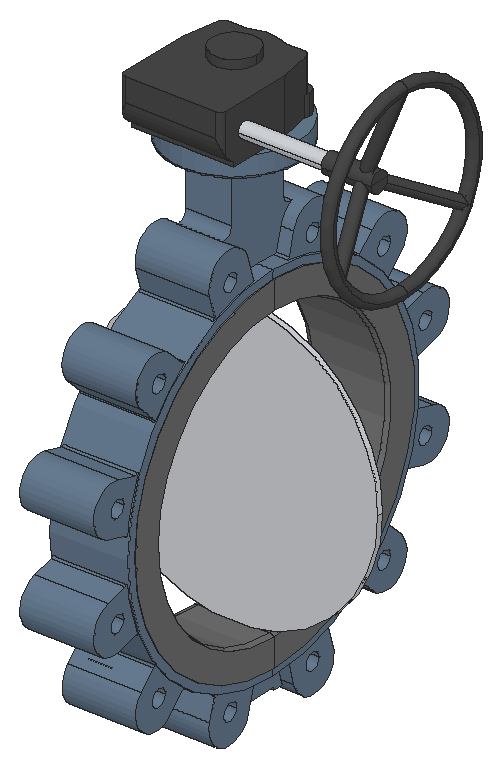
Revit family "Absperr- und Regulierklappe mit Getriebe AF-4219", category Rohrzubehör, Revit 2020
Family settings
  Bemaßung runder Anschluss = Durchmesser verwenden
  Teiletyp = Unterbricht
  OmniClass-Nummer = 23.65.55.14
  OmniClass-Titel = Valves for Liquid Services
  Arbeitsebenenbasiert = Nein
  Immer vertikal = Ja
  Beim Laden mit Abzugskörper schneiden = Nein
  Gemeinsam genutzt = Nein
Parameters
  Vorgabe-Ansicht = 0 mm
  URL = "www.herz-armaturen.at"
  Spindel = "Edelstahl ASTM-A276 / Type 316"  # constant formula
  Schrauben [instance] = if(Nennweite = 50 mm, "4x M16x35", if(Nennweite = 65 mm, "4x M16x35", if(Nennweite = 80 mm, "8x M16x35", if(Nennweite = 100 mm, "8x M16x40", if(Nennweite = 125 mm, "8x M16x40", if(Nennweite = 150 mm, "8x M20x40", if(Nennweite = 200 mm, "12x M20x45", if(Nennweite = 250 mm, "12x M24x45", "12x M24x45"))))))))  # "12x M24x45"
  SCTWSEQ = "FW;SBT_TYP_FW=\"101\";2"
  SCTWCODE = "04;07;02"  # constant formula
  SCRNSEQ = "ARM;ARM_TYP=\"ALLF\";2"
  SCRNCODE = "05;13;02"  # constant formula
  R99 = 1.5 mm  # constant formula
  PN [instance] = size_lookup("4219_AF_G", "PN", 16, Nennweite)  # 10
  O-Ring = "EPDM entsprechend ISO 1691"  # constant formula
  Min.Betriebstemperatur = "-20.00 °C bei entsprechneder Wasser-Glycolmischung"  # constant formula
  Medium = "Ethylen- und Propyleneglykol kann in einem Mischungsverhältnis zwischen 25 - 50 vol. [%] verwendet werden."
  Max.Betriebstemperatur = 110 °C  # constant formula
  L04 [instance] = L01 - 3.5 mm  # 35.5 mm
  L03 [instance] = L01 + 1.5 mm  # 40.5 mm
  L02 [instance] = size_lookup("4219_AF_G", "L2", 14.5 mm, Nennweite)  # 30.5 mm
  L01 [instance] = size_lookup("4219_AF_G", "L1", 21.5 mm, Nennweite)  # 39 mm
  R01 [instance] = size_lookup("4219_AF_G", "R1", 44 mm, Nennweite)  # 65 mm
  Nennweite [instance] = 300 mm
  Klappenscheibe = "Edelstahl 1.4408"  # constant formula
  Hersteller = "HERZ Armaturen Ges.m.b.H."  # constant formula
  Hebel DN50-150 = "Stahl, ST14.03"  # constant formula
  Hebel DN200-DN300 = "Stahl, S235 DIN2458/1626"  # constant formula
  H02 [instance] = size_lookup("4219_AF_G", "H2", 13 mm, Nennweite)  # 20 mm
  H01 [instance] = size_lookup("4219_AF_G", "H1", 125 mm, Nennweite)  # 308 mm
  Gewicht [instance] = size_lookup("4219_AF_G", "Gewicht", 3.8, Nennweite)  # 37.6
  Gehäuseauskleidung = "EPDM entsprechend ISO 1691"  # constant formula
  Gehäuse = "GGG, GJS-400-15/JS1030, entsprechend EN1563"  # constant formula
  Drehmoment in NM [instance] = size_lookup("4219_AF_G", "Nm", 20, Nennweite)  # 350
  DN80 [instance] = Nennweite = 80 mm  # no
  DN65 [instance] = Nennweite = 65 mm  # no
  DN50 [instance] = Nennweite = 50 mm  # no
  DN300 [instance] = Nennweite = 300 mm  # yes
  DN250 [instance] = Nennweite = 250 mm  # no
  DN200 [instance] = Nennweite = 200 mm  # no
  DN150 [instance] = Nennweite = 150 mm  # no
  DN125 [instance] = Nennweite = 125 mm  # no
  DN100 [instance] = Nennweite = 100 mm  # no
  D06 [instance] = size_lookup("4219_AF_G", "D6", 25.3 mm, Nennweite)  # 146.5 mm
  D05 [instance] = size_lookup("4219_AF_G", "D5", 24.5 mm, Nennweite)  # 145 mm
  D04 [instance] = D05 + 2 mm  # 147 mm
  D03 [instance] = size_lookup("4219_AF_G", "D3", 35.5 mm, Nennweite)  # 167.5 mm
  D02 [instance] = size_lookup("4219_AF_G", "D2", 41 mm, Nennweite)  # 175 mm
  D01 [instance] = size_lookup("4219_AF_G", "D1", 47 mm, Nennweite)  # 183 mm
  Bestellnummer [instance] = size_lookup("4219_AF_G", "Artnr", 421911, Nennweite)  # 1421979
  Anwendungsgebiet = "Geeignet für Flüssigkeiten in der Haustechnik, Kaltwasser, Heißwasser, etc."
  Anschlussflansch = "entsprechend EN1092-2"  # constant formula
Reference planes
  plane 1 "Mitte (Vorne/hinten)": y = 0
  plane 2: z = 0
  plane 3 "Mitte (Links/rechts)": x = 0
Forms (mm)
  Revolve 1, solid, material "Herz-Metall-blau", detail levels fine
    sketch origin (0, 0, 0) x (1, 0, 0) y (0, 0, 1)
      loop
        line (-30.5, 175) -> (-30.5, 167.5) -> (30.5, 167.5) -> (30.5, 175) -> (39, 175) -> (39, 183) -> (-39, 183) -> (-39, 175) -> (-30.5, 175)
      axis (-39, 0) -> (39, 0)
    angle from 0 to 360
  Revolve 2, solid, material "Herz-Metall-blau", detail levels fine
    sketch origin (0, 0, 0) x (1, 0, 0) y (0, 0, 1)
      loop
        line (-65, 308) -> (-65, 289.463)
        arc (-65, 289.463) -> (-64.673, 288.527) -> (-63.833, 288) r 1.5
        line (-63.833, 288) -> (0, 288) -> (0, 308) -> (-65, 308)
      axis (0, 308) -> (0, 288)
    angle from 0 to 360
  Extrusion 3, solid, material "Herz-Metall-blau", visible <- "DN50", detail levels fine
    sketch origin (0, 0, 0) x (0, 1, 0) y (0, 0, 1)
      loop
        line (56.215, -32.173) -> (43.95, -19.909)
        arc (43.95, -19.909) -> (43.387, -18.793) -> (43.596, -17.56) r 2
        arc (43.596, -17.56) -> (33.234, -33.234) -> (17.56, -43.596) r 47
        arc (17.56, -43.596) -> (18.793, -43.387) -> (19.909, -43.95) r 2
        line (19.909, -43.95) -> (32.173, -56.215)
        arc (32.173, -56.215) -> (56.215, -56.215) -> (56.215, -32.173) r 17
      loop
        arc (-56.215, -32.173) -> (-56.215, -56.215) -> (-32.173, -56.215) r 17
        line (-32.173, -56.215) -> (-19.909, -43.95)
        arc (-19.909, -43.95) -> (-18.793, -43.387) -> (-17.56, -43.596) r 2
        arc (-17.56, -43.596) -> (-33.234, -33.234) -> (-43.596, -17.56) r 47
        arc (-43.596, -17.56) -> (-43.387, -18.793) -> (-43.95, -19.909) r 2
        line (-43.95, -19.909) -> (-56.215, -32.173)
      loop
        arc (56.215, 32.173) -> (56.215, 56.215) -> (32.173, 56.215) r 17
        line (32.173, 56.215) -> (19.909, 43.95)
        arc (19.909, 43.95) -> (18.793, 43.387) -> (17.56, 43.596) r 2
        arc (17.56, 43.596) -> (33.234, 33.234) -> (43.596, 17.56) r 47
        arc (43.596, 17.56) -> (43.387, 18.793) -> (43.95, 19.909) r 2
        line (43.95, 19.909) -> (56.215, 32.173)
      loop
        line (-56.215, 32.173) -> (-43.95, 19.909)
        arc (-43.95, 19.909) -> (-43.387, 18.793) -> (-43.596, 17.56) r 2
        arc (-43.596, 17.56) -> (-33.234, 33.234) -> (-17.56, 43.596) r 47
        arc (-17.56, 43.596) -> (-18.793, 43.387) -> (-19.909, 43.95) r 2
        line (-19.909, 43.95) -> (-32.173, 56.215)
        arc (-32.173, 56.215) -> (-56.215, 56.215) -> (-56.215, 32.173) r 17
      loop
        circle (-44.194, 44.194) r 6.92
      loop
        circle (44.194, 44.194) r 6.92
      loop
        circle (44.194, -44.194) r 6.92
      loop
        circle (-44.194, -44.194) r 6.92
    from -19.5 to 19.5
  Extrusion 4, solid, material "Herz-Metall-blau", visible <- "DN50", detail levels fine
    sketch origin (0, 0, 0) x (0, 1, 0) y (0, 0, 1)
      loop
        line (20, 74.845) -> (20, 112) -> (-20, 112) -> (-20, 74.845)
        arc (-20, 74.845) -> (-26.046, 62.811) -> (-39.31, 60.477) r 15
        arc (-39.31, 60.477) -> (-35.477, 58.789) -> (-32.173, 56.215) r 17
        line (-32.173, 56.215) -> (-19.909, 43.95)
        arc (-19.909, 43.95) -> (-18.793, 43.387) -> (-17.56, 43.596) r 2
        arc (-17.56, 43.596) -> (0, 47) -> (17.56, 43.596) r 47
        arc (17.56, 43.596) -> (18.793, 43.387) -> (19.909, 43.95) r 2
        line (19.909, 43.95) -> (32.173, 56.215)
        arc (32.173, 56.215) -> (35.477, 58.789) -> (39.31, 60.477) r 17
        arc (39.31, 60.477) -> (26.046, 62.811) -> (20, 74.845) r 15
    from -15 to 15
  Extrusion 5, solid, material "Herz-Metall-blau", visible <- "DN50"
    sketch origin (0, 0, 0) x (0, 1, 0) y (0, 0, 1)
      loop
        arc (33.834, -58) -> (34.246, -58.062) -> (34.622, -58.243) r 1.4
        arc (34.622, -58.243) -> (33.35, -57.286) -> (32.173, -56.215) r 17
        line (32.173, -56.215) -> (19.909, -43.95)
        arc (19.909, -43.95) -> (18.793, -43.387) -> (17.56, -43.596) r 2
        arc (17.56, -43.596) -> (0, -47) -> (-17.56, -43.596) r 47
        arc (-17.56, -43.596) -> (-18.793, -43.387) -> (-19.909, -43.95) r 2
        line (-19.909, -43.95) -> (-32.173, -56.215)
        arc (-32.173, -56.215) -> (-33.35, -57.286) -> (-34.622, -58.243) r 17
        arc (-34.622, -58.243) -> (-34.246, -58.062) -> (-33.834, -58) r 1.4
        line (-33.834, -58) -> (-16.963, -58)
        arc (-16.963, -58) -> (-15.575, -58.575) -> (-15, -59.963) r 1.963
        line (-15, -59.963) -> (-15, -61) -> (15, -61) -> (15, -59.963)
        arc (15, -59.963) -> (15.575, -58.575) -> (16.963, -58) r 1.963
        line (16.963, -58) -> (33.834, -58)
    from -15 to 15
  Revolve 6, solid, material "Gummi", detail levels fine
    sketch origin (-134.5, 0, 0) x (1, 0, 0) y (0, 0, 1)
      loop
        line (94, 175) -> (94, 147) -> (99, 145) -> (170, 145) -> (175, 147) -> (175, 175) -> (165, 175) -> (165, 167.5) -> (104, 167.5) -> (104, 175) -> (94, 175)
      axis (94, 0) -> (175, 0)
    angle from 0 to 360
  Extrusion 7, solid, detail levels fine
    sketch origin (0, 0, 0) x (1, 0, 0) y (0, 0, 1)
      loop
        circle (0, 0) r 146.5
    from -2.5 to 2.5
  Extrusion 8, solid, material "Herz-Metall-blau", visible <- "DN65", detail levels fine
    sketch origin (0, -300, 0) x (0, 1, 0) y (0, 0, 1)
      loop
        circle (351.265, 51.265) r 6.92
      loop
        arc (363.286, 39.244) -> (363.286, 63.286) -> (339.244, 63.286) r 17
        line (339.244, 63.286) -> (328.595, 52.636)
        arc (328.595, 52.636) -> (327.499, 52.076) -> (326.282, 52.264) r 2
        arc (326.282, 52.264) -> (341.366, 41.366) -> (352.264, 26.282) r 58.501
        arc (352.264, 26.282) -> (352.087, 27.51) -> (352.656, 28.614) r 2.038
        line (352.656, 28.614) -> (363.286, 39.244)
      loop
        circle (351.265, -51.265) r 6.92
      loop
        line (363.286, -39.244) -> (352.656, -28.614)
        arc (352.656, -28.614) -> (352.087, -27.51) -> (352.264, -26.282) r 2.038
        arc (352.264, -26.282) -> (341.366, -41.366) -> (326.282, -52.264) r 58.501
        arc (326.282, -52.264) -> (327.499, -52.076) -> (328.595, -52.636) r 2
        line (328.595, -52.636) -> (339.244, -63.286)
        arc (339.244, -63.286) -> (363.286, -63.286) -> (363.286, -39.244) r 17
      loop
        circle (248.735, 51.265) r 6.92
      loop
        line (236.714, 39.244) -> (247.344, 28.614)
        arc (247.344, 28.614) -> (247.913, 27.51) -> (247.736, 26.282) r 2.038
        arc (247.736, 26.282) -> (258.634, 41.366) -> (273.718, 52.264) r 58.501
        arc (273.718, 52.264) -> (272.501, 52.076) -> (271.405, 52.636) r 2
        line (271.405, 52.636) -> (260.756, 63.286)
        arc (260.756, 63.286) -> (236.714, 63.286) -> (236.714, 39.244) r 17
      loop
        circle (248.735, -51.265) r 6.92
      loop
        arc (236.714, -39.244) -> (236.714, -63.286) -> (260.756, -63.286) r 17
        line (260.756, -63.286) -> (271.405, -52.636)
        arc (271.405, -52.636) -> (272.501, -52.076) -> (273.718, -52.264) r 2
        arc (273.718, -52.264) -> (258.634, -41.366) -> (247.736, -26.282) r 58.501
        arc (247.736, -26.282) -> (247.913, -27.51) -> (247.344, -28.614) r 2.038
        line (247.344, -28.614) -> (236.714, -39.244)
    from -21 to 21
  Extrusion 9, solid, material "Herz-Metall-blau", visible <- "DN65", detail levels fine
    sketch origin (0, -300, 0) x (0, 1, 0) y (0, 0, 1)
      loop
        line (278, 136.5) -> (278, 78.286)
        arc (278, 78.286) -> (272.889, 69.099) -> (263, 65.53) r 14.984
        line (263, 65.53) -> (257.982, 65.53)
        arc (257.982, 65.53) -> (259.428, 64.481) -> (260.756, 63.286) r 17
        line (260.756, 63.286) -> (271.405, 52.636)
        arc (271.405, 52.636) -> (272.501, 52.076) -> (273.718, 52.264) r 2
        arc (273.718, 52.264) -> (300, 58.5) -> (326.282, 52.264) r 58.5
        arc (326.282, 52.264) -> (327.499, 52.076) -> (328.595, 52.636) r 2
        line (328.595, 52.636) -> (339.244, 63.286)
        arc (339.244, 63.286) -> (340.572, 64.481) -> (342.018, 65.53) r 17
        line (342.018, 65.53) -> (337, 65.53)
        arc (337, 65.53) -> (327.111, 69.099) -> (322, 78.286) r 14.984
        line (322, 78.286) -> (322, 136.5) -> (278, 136.5)
      loop
        arc (260.756, -63.286) -> (259.428, -64.481) -> (257.982, -65.53) r 17
        line (257.982, -65.53) -> (280.029, -65.53)
        arc (280.029, -65.53) -> (281.423, -66.108) -> (282, -67.501) r 1.971
        line (282, -67.501) -> (282, -74) -> (318, -74) -> (318, -67.527)
        arc (318, -67.527) -> (318.585, -66.115) -> (319.997, -65.53) r 1.997
        line (319.997, -65.53) -> (342.018, -65.53)
        arc (342.018, -65.53) -> (340.572, -64.481) -> (339.244, -63.286) r 17
        line (339.244, -63.286) -> (328.595, -52.636)
        arc (328.595, -52.636) -> (327.499, -52.076) -> (326.282, -52.264) r 2
        arc (326.282, -52.264) -> (300, -58.5) -> (273.718, -52.264) r 58.5
        arc (273.718, -52.264) -> (272.501, -52.076) -> (271.405, -52.636) r 2
        line (271.405, -52.636) -> (260.756, -63.286)
    from -18 to 18
  Extrusion 10, solid, material "Herz-Metall-blau", visible <- "DN80", detail levels fine
    sketch origin (0, -300, 0) x (0, 1, 0) y (0, 0, 1)
      loop
        circle (269.385, 73.91) r 6.92
      loop
        arc (285.091, 80.416) -> (262.88, 89.616) -> (253.679, 67.405) r 17
        line (253.679, 67.405) -> (259.513, 53.322)
        arc (259.513, 53.322) -> (259.602, 52.073) -> (258.924, 51.02) r 1.982
        arc (258.924, 51.02) -> (274.934, 60.514) -> (292.968, 65.121) r 65.5
        arc (292.968, 65.121) -> (291.745, 65.388) -> (290.924, 66.335) r 1.984
        line (290.924, 66.335) -> (285.091, 80.416)
      loop
        circle (226.09, 30.615) r 6.92
      loop
        line (219.584, 14.909) -> (233.665, 9.076)
        arc (233.665, 9.076) -> (234.612, 8.255) -> (234.879, 7.032) r 1.984
        arc (234.879, 7.032) -> (239.486, 25.066) -> (248.98, 41.076) r 65.5
        arc (248.98, 41.076) -> (247.927, 40.398) -> (246.678, 40.487) r 1.982
        line (246.678, 40.487) -> (232.595, 46.321)
        arc (232.595, 46.321) -> (210.384, 37.12) -> (219.584, 14.909) r 17
      loop
        circle (269.385, -73.91) r 6.92
      loop
        line (285.091, -80.416) -> (290.924, -66.335)
        arc (290.924, -66.335) -> (291.745, -65.388) -> (292.968, -65.121) r 1.984
        arc (292.968, -65.121) -> (274.934, -60.514) -> (258.924, -51.02) r 65.5
        arc (258.924, -51.02) -> (259.602, -52.073) -> (259.513, -53.322) r 1.982
        line (259.513, -53.322) -> (253.679, -67.405)
        arc (253.679, -67.405) -> (262.88, -89.616) -> (285.091, -80.416) r 17
      loop
        circle (226.09, -30.615) r 6.92
      loop
        arc (219.584, -14.909) -> (210.384, -37.12) -> (232.595, -46.321) r 17
        line (232.595, -46.321) -> (246.678, -40.487)
        arc (246.678, -40.487) -> (247.927, -40.398) -> (248.98, -41.076) r 1.982
        arc (248.98, -41.076) -> (239.486, -25.066) -> (234.879, -7.032) r 65.5
        arc (234.879, -7.032) -> (234.612, -8.255) -> (233.665, -9.076) r 1.984
        line (233.665, -9.076) -> (219.584, -14.909)
      loop
        circle (330.615, 73.91) r 6.92
      loop
        line (314.909, 80.416) -> (309.076, 66.335)
        arc (309.076, 66.335) -> (308.255, 65.388) -> (307.032, 65.121) r 1.984
        arc (307.032, 65.121) -> (325.066, 60.514) -> (341.076, 51.02) r 65.5
        arc (341.076, 51.02) -> (340.398, 52.073) -> (340.487, 53.322) r 1.982
        line (340.487, 53.322) -> (346.321, 67.405)
        arc (346.321, 67.405) -> (337.12, 89.616) -> (314.909, 80.416) r 17
      loop
        circle (373.91, 30.615) r 6.92
      loop
        arc (380.416, 14.909) -> (389.616, 37.12) -> (367.405, 46.321) r 17
        line (367.405, 46.321) -> (353.322, 40.487)
        arc (353.322, 40.487) -> (352.073, 40.398) -> (351.02, 41.076) r 1.982
        arc (351.02, 41.076) -> (360.514, 25.066) -> (365.121, 7.032) r 65.5
        arc (365.121, 7.032) -> (365.388, 8.255) -> (366.335, 9.076) r 1.984
        line (366.335, 9.076) -> (380.416, 14.909)
      loop
        circle (330.615, -73.91) r 6.92
      loop
        arc (314.909, -80.416) -> (337.12, -89.616) -> (346.321, -67.405) r 17
        line (346.321, -67.405) -> (340.487, -53.322)
        arc (340.487, -53.322) -> (340.398, -52.073) -> (341.076, -51.02) r 1.982
        arc (341.076, -51.02) -> (325.066, -60.514) -> (307.032, -65.121) r 65.5
        arc (307.032, -65.121) -> (308.255, -65.388) -> (309.076, -66.335) r 1.984
        line (309.076, -66.335) -> (314.909, -80.416)
      loop
        circle (373.91, -30.615) r 6.92
      loop
        line (380.416, -14.909) -> (366.335, -9.076)
        arc (366.335, -9.076) -> (365.388, -8.255) -> (365.121, -7.032) r 1.984
        arc (365.121, -7.032) -> (360.514, -25.066) -> (351.02, -41.076) r 65.5
        arc (351.02, -41.076) -> (352.073, -40.398) -> (353.322, -40.487) r 1.982
        line (353.322, -40.487) -> (367.405, -46.321)
        arc (367.405, -46.321) -> (389.616, -37.12) -> (380.416, -14.909) r 17
    from -21 to 21
  Extrusion 11, solid, material "Herz-Metall-blau", visible <- "DN80", detail levels fine
    sketch origin (0, -300, 0) x (0, 1, 0) y (0, 0, 1)
      loop
        line (278, 143.5) -> (278, 100.814)
        arc (278, 100.814) -> (275.545, 94.251) -> (269.385, 90.91) r 10
        arc (269.385, 90.91) -> (278.83, 88.045) -> (285.091, 80.416) r 17
        line (285.091, 80.416) -> (290.924, 66.335)
        arc (290.924, 66.335) -> (291.744, 65.388) -> (292.968, 65.121) r 1.984
        arc (292.968, 65.121) -> (300, 65.497) -> (307.032, 65.121) r 66.05
        arc (307.032, 65.121) -> (308.256, 65.388) -> (309.076, 66.335) r 1.984
        line (309.076, 66.335) -> (314.909, 80.416)
        arc (314.909, 80.416) -> (321.17, 88.045) -> (330.615, 90.91) r 17
        arc (330.615, 90.91) -> (324.455, 94.251) -> (322, 100.814) r 10
        line (322, 100.814) -> (322, 143.5) -> (278, 143.5)
      loop
        line (285.091, -80.416) -> (286.5, -80.946) -> (313.5, -80.946) -> (314.89, -80.371) -> (309.076, -66.335)
        arc (309.076, -66.335) -> (308.256, -65.388) -> (307.032, -65.121) r 1.984
        arc (307.032, -65.121) -> (300, -65.497) -> (292.968, -65.121) r 66.05
        arc (292.968, -65.121) -> (291.744, -65.388) -> (290.924, -66.335) r 1.984
        line (290.924, -66.335) -> (285.091, -80.416)
    from -18.5 to 18.5
  Extrusion 12, solid, material "Herz-Metall-blau", visible <- "DN100", detail levels fine
    sketch origin (0, -300, 0) x (0, 1, 0) y (0, 0, 1)
      loop
        circle (265.558, 83.149) r 6.92
      loop
        arc (281.264, 89.655) -> (259.053, 98.855) -> (249.853, 76.644) r 17
        line (249.853, 76.644) -> (255.731, 62.451)
        arc (255.731, 62.451) -> (255.813, 61.14) -> (255.074, 60.055) r 2.025
        arc (255.074, 60.055) -> (271.3, 69.291) -> (289.305, 74.233) r 75
        arc (289.305, 74.233) -> (288.012, 74.478) -> (287.142, 75.464) r 2.027
        line (287.142, 75.464) -> (281.264, 89.655)
      loop
        circle (216.851, 34.442) r 6.92
      loop
        line (210.345, 18.736) -> (224.536, 12.858)
        arc (224.536, 12.858) -> (225.522, 11.988) -> (225.767, 10.695) r 2.027
        arc (225.767, 10.695) -> (230.709, 28.7) -> (239.945, 44.926) r 75
        arc (239.945, 44.926) -> (238.86, 44.187) -> (237.549, 44.269) r 2.025
        line (237.549, 44.269) -> (223.356, 50.147)
        arc (223.356, 50.147) -> (201.145, 40.947) -> (210.345, 18.736) r 17
      loop
        circle (265.558, -83.149) r 6.92
      loop
        line (281.264, -89.655) -> (287.142, -75.464)
        arc (287.142, -75.464) -> (288.012, -74.478) -> (289.305, -74.233) r 2.027
        arc (289.305, -74.233) -> (271.3, -69.291) -> (255.074, -60.055) r 75
        arc (255.074, -60.055) -> (255.813, -61.14) -> (255.731, -62.451) r 2.025
        line (255.731, -62.451) -> (249.853, -76.644)
        arc (249.853, -76.644) -> (259.053, -98.855) -> (281.264, -89.655) r 17
      loop
        circle (216.851, -34.442) r 6.92
      loop
        arc (210.345, -18.736) -> (201.145, -40.947) -> (223.356, -50.147) r 17
        line (223.356, -50.147) -> (237.549, -44.269)
        arc (237.549, -44.269) -> (238.86, -44.187) -> (239.945, -44.926) r 2.025
        arc (239.945, -44.926) -> (230.709, -28.7) -> (225.767, -10.695) r 75
        arc (225.767, -10.695) -> (225.522, -11.988) -> (224.536, -12.858) r 2.027
        line (224.536, -12.858) -> (210.345, -18.736)
      loop
        circle (334.442, 83.149) r 6.92
      loop
        line (318.736, 89.655) -> (312.858, 75.464)
        arc (312.858, 75.464) -> (311.988, 74.478) -> (310.695, 74.233) r 2.027
        arc (310.695, 74.233) -> (328.7, 69.291) -> (344.926, 60.055) r 75
        arc (344.926, 60.055) -> (344.187, 61.14) -> (344.269, 62.451) r 2.025
        line (344.269, 62.451) -> (350.147, 76.644)
        arc (350.147, 76.644) -> (340.947, 98.855) -> (318.736, 89.655) r 17
      loop
        circle (383.149, 34.442) r 6.92
      loop
        arc (389.655, 18.736) -> (398.855, 40.947) -> (376.644, 50.147) r 17
        line (376.644, 50.147) -> (362.451, 44.269)
        arc (362.451, 44.269) -> (361.14, 44.187) -> (360.055, 44.926) r 2.025
        arc (360.055, 44.926) -> (369.291, 28.7) -> (374.233, 10.695) r 75
        arc (374.233, 10.695) -> (374.478, 11.988) -> (375.464, 12.858) r 2.027
        line (375.464, 12.858) -> (389.655, 18.736)
      loop
        circle (334.442, -83.149) r 6.92
      loop
        arc (318.736, -89.655) -> (340.947, -98.855) -> (350.147, -76.644) r 17
        line (350.147, -76.644) -> (344.269, -62.451)
        arc (344.269, -62.451) -> (344.187, -61.14) -> (344.926, -60.055) r 2.025
        arc (344.926, -60.055) -> (328.7, -69.291) -> (310.695, -74.233) r 75
        arc (310.695, -74.233) -> (311.988, -74.478) -> (312.858, -75.464) r 2.027
        line (312.858, -75.464) -> (318.736, -89.655)
      loop
        circle (383.149, -34.442) r 6.92
      loop
        line (389.655, -18.736) -> (375.464, -12.858)
        arc (375.464, -12.858) -> (374.478, -11.988) -> (374.233, -10.695) r 2.027
        arc (374.233, -10.695) -> (369.291, -28.7) -> (360.055, -44.926) r 75
        arc (360.055, -44.926) -> (361.14, -44.187) -> (362.451, -44.269) r 2.025
        line (362.451, -44.269) -> (376.644, -50.147)
        arc (376.644, -50.147) -> (398.855, -40.947) -> (389.655, -18.736) r 17
    from -24 to 24
  Extrusion 13, solid, material "Herz-Metall-blau", visible <- "DN100", detail levels fine
    sketch origin (0, -300, 0) x (0, 1, 0) y (0, 0, 1)
      loop
        line (274, 167) -> (274, 114.47)
        arc (274, 114.47) -> (270.644, 105.014) -> (262.078, 99.789) r 15
        arc (262.078, 99.789) -> (273.498, 98.181) -> (281.264, 89.655) r 17
        line (281.264, 89.655) -> (287.142, 75.464)
        arc (287.142, 75.464) -> (288.012, 74.478) -> (289.305, 74.233) r 2.027
        arc (289.305, 74.233) -> (300, 75) -> (310.695, 74.233) r 75
        arc (310.695, 74.233) -> (311.988, 74.478) -> (312.858, 75.464) r 2.027
        line (312.858, 75.464) -> (318.736, 89.655)
        arc (318.736, 89.655) -> (326.502, 98.181) -> (337.922, 99.789) r 17
        arc (337.922, 99.789) -> (329.356, 105.014) -> (326, 114.47) r 15
        line (326, 114.47) -> (326, 167) -> (274, 167)
      loop
        line (286.5, -93) -> (313.5, -93) -> (313.5, -96) -> (323.312, -96)
        arc (323.312, -96) -> (320.654, -93.094) -> (318.736, -89.655) r 17
        line (318.736, -89.655) -> (312.858, -75.464)
        arc (312.858, -75.464) -> (311.988, -74.478) -> (310.695, -74.233) r 2.027
        arc (310.695, -74.233) -> (300, -75) -> (289.305, -74.233) r 75
        arc (289.305, -74.233) -> (288.012, -74.478) -> (287.142, -75.464) r 2.027
        line (287.142, -75.464) -> (281.264, -89.655)
        arc (281.264, -89.655) -> (279.346, -93.094) -> (276.688, -96) r 17
        line (276.688, -96) -> (286.5, -96) -> (286.5, -93)
    from -18 to 18
  Extrusion 14, solid, material "Herz-Metall-blau", visible <- "DN125", detail levels fine
    sketch origin (0, -300, 0) x (0, 1, 0) y (0, 0, 1)
      loop
        circle (259.818, 97.007) r 6.92
      loop
        arc (275.524, 103.513) -> (253.313, 112.713) -> (244.112, 90.502) r 17
        line (244.112, 90.502) -> (249.217, 78.179)
        arc (249.217, 78.179) -> (249.286, 76.825) -> (248.485, 75.731) r 2.023
        arc (248.485, 75.731) -> (264.902, 84.594) -> (282.772, 89.957) r 91.852
        arc (282.772, 89.957) -> (281.505, 90.18) -> (280.649, 91.141) r 1.958
        line (280.649, 91.141) -> (275.524, 103.513)
      loop
        circle (202.993, 40.182) r 6.92
      loop
        line (196.487, 24.476) -> (208.859, 19.351)
        arc (208.859, 19.351) -> (209.82, 18.495) -> (210.043, 17.228) r 1.958
        arc (210.043, 17.228) -> (215.406, 35.098) -> (224.269, 51.515) r 91.852
        arc (224.269, 51.515) -> (223.175, 50.714) -> (221.821, 50.783) r 2.023
        line (221.821, 50.783) -> (209.498, 55.888)
        arc (209.498, 55.888) -> (187.287, 46.687) -> (196.487, 24.476) r 17
      loop
        circle (259.818, -97.007) r 6.92
      loop
        line (275.524, -103.513) -> (280.649, -91.141)
        arc (280.649, -91.141) -> (281.505, -90.18) -> (282.772, -89.957) r 1.958
        arc (282.772, -89.957) -> (264.902, -84.594) -> (248.485, -75.731) r 91.852
        arc (248.485, -75.731) -> (249.286, -76.825) -> (249.217, -78.179) r 2.023
        line (249.217, -78.179) -> (244.112, -90.502)
        arc (244.112, -90.502) -> (253.313, -112.713) -> (275.524, -103.513) r 17
      loop
        circle (202.993, -40.182) r 6.92
      loop
        arc (196.487, -24.476) -> (187.287, -46.687) -> (209.498, -55.888) r 17
        line (209.498, -55.888) -> (221.821, -50.783)
        arc (221.821, -50.783) -> (223.175, -50.714) -> (224.269, -51.515) r 2.023
        arc (224.269, -51.515) -> (215.406, -35.098) -> (210.043, -17.228) r 91.852
        arc (210.043, -17.228) -> (209.82, -18.495) -> (208.859, -19.351) r 1.958
        line (208.859, -19.351) -> (196.487, -24.476)
      loop
        circle (340.182, 97.007) r 6.92
      loop
        line (324.476, 103.513) -> (319.351, 91.141)
        arc (319.351, 91.141) -> (318.495, 90.18) -> (317.228, 89.957) r 1.958
        arc (317.228, 89.957) -> (335.098, 84.594) -> (351.515, 75.731) r 91.852
        arc (351.515, 75.731) -> (350.714, 76.825) -> (350.783, 78.179) r 2.023
        line (350.783, 78.179) -> (355.888, 90.502)
        arc (355.888, 90.502) -> (346.687, 112.713) -> (324.476, 103.513) r 17
      loop
        circle (397.007, 40.182) r 6.92
      loop
        arc (403.513, 24.476) -> (412.713, 46.687) -> (390.502, 55.888) r 17
        line (390.502, 55.888) -> (378.179, 50.783)
        arc (378.179, 50.783) -> (376.825, 50.714) -> (375.731, 51.515) r 2.023
        arc (375.731, 51.515) -> (384.594, 35.098) -> (389.957, 17.228) r 91.852
        arc (389.957, 17.228) -> (390.18, 18.495) -> (391.141, 19.351) r 1.958
        line (391.141, 19.351) -> (403.513, 24.476)
      loop
        circle (340.182, -97.007) r 6.92
      loop
        arc (324.476, -103.513) -> (346.687, -112.713) -> (355.888, -90.502) r 17
        line (355.888, -90.502) -> (350.783, -78.179)
        arc (350.783, -78.179) -> (350.714, -76.825) -> (351.515, -75.731) r 2.023
        arc (351.515, -75.731) -> (335.098, -84.594) -> (317.228, -89.957) r 91.852
        arc (317.228, -89.957) -> (318.495, -90.18) -> (319.351, -91.141) r 1.958
        line (319.351, -91.141) -> (324.476, -103.513)
      loop
        circle (397.007, -40.182) r 6.92
      loop
        line (403.513, -24.476) -> (391.141, -19.351)
        arc (391.141, -19.351) -> (390.18, -18.495) -> (389.957, -17.228) r 1.958
        arc (389.957, -17.228) -> (384.594, -35.098) -> (375.731, -51.515) r 91.852
        arc (375.731, -51.515) -> (376.825, -50.714) -> (378.179, -50.783) r 2.023
        line (378.179, -50.783) -> (390.502, -55.888)
        arc (390.502, -55.888) -> (412.713, -46.687) -> (403.513, -24.476) r 17
    from -26 to 26
  Extrusion 15, solid, material "Herz-Metall-blau", visible <- "DN125", detail levels fine
    sketch origin (0, -300, 0) x (0, 1, 0) y (0, 0, 1)
      loop
        line (273.999, 186) -> (273.95, 123.689)
        arc (273.95, 123.689) -> (270.458, 116.096) -> (262.42, 113.807) r 10
        arc (262.42, 113.807) -> (270.32, 110.376) -> (275.524, 103.513) r 17
        line (275.524, 103.513) -> (280.649, 91.141)
        arc (280.649, 91.141) -> (281.528, 90.167) -> (282.825, 89.967) r 1.958
        arc (282.825, 89.967) -> (299.999, 91.589) -> (317.173, 89.967) r 91.7
        arc (317.173, 89.967) -> (318.469, 90.167) -> (319.348, 91.141) r 1.958
        line (319.348, 91.141) -> (324.473, 103.513)
        arc (324.473, 103.513) -> (329.677, 110.376) -> (337.577, 113.807) r 17
        arc (337.577, 113.807) -> (329.539, 116.096) -> (325.999, 123.689) r 10
        line (325.999, 123.689) -> (325.999, 186) -> (273.999, 186)
      loop
        line (286.499, -110.51) -> (313.499, -110.51) -> (313.499, -113.51) -> (336.099, -113.51)
        arc (336.099, -113.51) -> (329.095, -109.897) -> (324.473, -103.513) r 17
        line (324.473, -103.513) -> (319.348, -91.141)
        arc (319.348, -91.141) -> (318.469, -90.167) -> (317.173, -89.967) r 1.958
        arc (317.173, -89.967) -> (299.999, -91.589) -> (282.825, -89.967) r 91.7
        arc (282.825, -89.967) -> (281.528, -90.167) -> (280.649, -91.141) r 1.958
        line (280.649, -91.141) -> (275.524, -103.513)
        arc (275.524, -103.513) -> (270.902, -109.897) -> (263.898, -113.51) r 17
        line (263.898, -113.51) -> (286.499, -113.51) -> (286.499, -110.51)
    from -18 to 18
  Extrusion 16, solid, material "Herz-Metall-blau", visible <- "DN150", detail levels fine
    sketch origin (0, -300, 0) x (0, 1, 0) y (0, 0, 1)
      loop
        circle (254.078, 110.866) r 8.645
      loop
        arc (273.479, 118.902) -> (246.042, 130.267) -> (234.677, 102.829) r 21
        line (234.677, 102.829) -> (241.591, 86.136)
        arc (241.591, 86.136) -> (241.664, 84.82) -> (240.899, 83.746) r 1.993
        arc (240.899, 83.746) -> (260.776, 94.698) -> (282.575, 101.008) r 102.504
        arc (282.575, 101.008) -> (281.263, 101.248) -> (280.379, 102.246) r 2.042
        line (280.379, 102.246) -> (273.479, 118.902)
      loop
        circle (189.134, 45.922) r 8.645
      loop
        line (181.098, 26.521) -> (197.754, 19.621)
        arc (197.754, 19.621) -> (198.752, 18.737) -> (198.992, 17.425) r 2.042
        arc (198.992, 17.425) -> (205.302, 39.224) -> (216.254, 59.101) r 102.504
        arc (216.254, 59.101) -> (215.18, 58.336) -> (213.864, 58.409) r 1.993
        line (213.864, 58.409) -> (197.171, 65.323)
        arc (197.171, 65.323) -> (169.733, 53.958) -> (181.098, 26.521) r 21
      loop
        circle (254.078, -110.866) r 8.645
      loop
        line (273.479, -118.902) -> (280.379, -102.246)
        arc (280.379, -102.246) -> (281.263, -101.248) -> (282.575, -101.008) r 2.042
        arc (282.575, -101.008) -> (260.776, -94.698) -> (240.899, -83.746) r 102.504
        arc (240.899, -83.746) -> (241.664, -84.82) -> (241.591, -86.136) r 1.993
        line (241.591, -86.136) -> (234.677, -102.829)
        arc (234.677, -102.829) -> (246.042, -130.267) -> (273.479, -118.902) r 21
      loop
        circle (189.134, -45.922) r 8.645
      loop
        arc (181.098, -26.521) -> (169.733, -53.958) -> (197.171, -65.323) r 21
        line (197.171, -65.323) -> (213.864, -58.409)
        arc (213.864, -58.409) -> (215.18, -58.336) -> (216.254, -59.101) r 1.993
        arc (216.254, -59.101) -> (205.302, -39.224) -> (198.992, -17.425) r 102.504
        arc (198.992, -17.425) -> (198.752, -18.737) -> (197.754, -19.621) r 2.042
        line (197.754, -19.621) -> (181.098, -26.521)
      loop
        circle (345.922, 110.866) r 8.645
      loop
        line (326.521, 118.902) -> (319.621, 102.246)
        arc (319.621, 102.246) -> (318.737, 101.248) -> (317.425, 101.008) r 2.042
        arc (317.425, 101.008) -> (339.224, 94.698) -> (359.101, 83.746) r 102.504
        arc (359.101, 83.746) -> (358.336, 84.82) -> (358.409, 86.136) r 1.993
        line (358.409, 86.136) -> (365.323, 102.829)
        arc (365.323, 102.829) -> (353.958, 130.267) -> (326.521, 118.902) r 21
      loop
        circle (410.866, 45.922) r 8.645
      loop
        arc (418.902, 26.521) -> (430.267, 53.958) -> (402.829, 65.323) r 21
        line (402.829, 65.323) -> (386.136, 58.409)
        arc (386.136, 58.409) -> (384.82, 58.336) -> (383.746, 59.101) r 1.993
        arc (383.746, 59.101) -> (394.698, 39.224) -> (401.008, 17.425) r 102.504
        arc (401.008, 17.425) -> (401.248, 18.737) -> (402.246, 19.621) r 2.042
        line (402.246, 19.621) -> (418.902, 26.521)
      loop
        circle (345.922, -110.866) r 8.645
      loop
        arc (326.521, -118.902) -> (353.958, -130.267) -> (365.323, -102.829) r 21
        line (365.323, -102.829) -> (358.409, -86.136)
        arc (358.409, -86.136) -> (358.336, -84.82) -> (359.101, -83.746) r 1.993
        arc (359.101, -83.746) -> (339.224, -94.698) -> (317.425, -101.008) r 102.504
        arc (317.425, -101.008) -> (318.737, -101.248) -> (319.621, -102.246) r 2.042
        line (319.621, -102.246) -> (326.521, -118.902)
      loop
        circle (410.866, -45.922) r 8.645
      loop
        line (418.902, -26.521) -> (402.246, -19.621)
        arc (402.246, -19.621) -> (401.248, -18.737) -> (401.008, -17.425) r 2.042
        arc (401.008, -17.425) -> (394.698, -39.224) -> (383.746, -59.101) r 102.504
        arc (383.746, -59.101) -> (384.82, -58.336) -> (386.136, -58.409) r 1.993
        line (386.136, -58.409) -> (402.829, -65.323)
        arc (402.829, -65.323) -> (430.267, -53.958) -> (418.902, -26.521) r 21
    from -26 to 26
  Extrusion 17, solid, material "Herz-Metall-blau", visible <- "DN150", detail levels fine
    sketch origin (0, -300, 0) x (0, 1, 0) y (0, 0, 1)
      loop
        line (274, 199) -> (274, 135)
        arc (274, 135) -> (272.527, 129.776) -> (268.541, 126.091) r 10
        arc (268.541, 126.091) -> (271.388, 122.755) -> (273.479, 118.902) r 21
        line (273.479, 118.902) -> (280.379, 102.246)
        arc (280.379, 102.246) -> (281.28, 101.239) -> (282.612, 101.014) r 2.042
        arc (282.612, 101.014) -> (300, 102.5) -> (317.388, 101.014) r 102.5
        arc (317.388, 101.014) -> (318.72, 101.239) -> (319.621, 102.246) r 2.042
        line (319.621, 102.246) -> (326.521, 118.902)
        arc (326.521, 118.902) -> (328.612, 122.755) -> (331.459, 126.091) r 21
        arc (331.459, 126.091) -> (327.473, 129.776) -> (326, 135) r 10
        line (326, 135) -> (326, 199) -> (274, 199)
      loop
        line (286.5, -122.5) -> (313.5, -122.5) -> (313.5, -125.5) -> (330.861, -125.5)
        arc (330.861, -125.5) -> (328.378, -122.407) -> (326.521, -118.902) r 21
        line (326.521, -118.902) -> (319.621, -102.246)
        arc (319.621, -102.246) -> (318.72, -101.239) -> (317.388, -101.014) r 2.042
        arc (317.388, -101.014) -> (300, -102.5) -> (282.612, -101.014) r 102.5
        arc (282.612, -101.014) -> (281.28, -101.239) -> (280.379, -102.246) r 2.042
        line (280.379, -102.246) -> (273.479, -118.902)
        arc (273.479, -118.902) -> (271.622, -122.407) -> (269.139, -125.5) r 21
        line (269.139, -125.5) -> (286.5, -125.5) -> (286.5, -122.5)
    from -18 to 18
  Extrusion 18, solid, material "Herz-Metall-blau", visible <- "DN200", detail levels fine
    sketch origin (0, -400, 0) x (0, 1, 0) y (0, 0, 1)
      loop
        circle (361.824, 142.474) r 8.645
      loop
        arc (382.109, 147.909) -> (356.389, 162.759) -> (341.54, 137.039) r 21
        line (341.54, 137.039) -> (345.801, 121.136)
        arc (345.801, 121.136) -> (345.679, 119.74) -> (344.688, 118.75) r 2.048
        arc (344.688, 118.75) -> (366.062, 126.527) -> (388.459, 130.491) r 131
        arc (388.459, 130.491) -> (387.159, 130.838) -> (386.388, 131.939) r 1.965
        line (386.388, 131.939) -> (382.109, 147.909)
      loop
        circle (257.526, 38.176) r 8.645
      loop
        line (252.091, 17.891) -> (268.061, 13.612)
        arc (268.061, 13.612) -> (269.162, 12.841) -> (269.509, 11.541) r 1.965
        arc (269.509, 11.541) -> (273.473, 33.938) -> (281.25, 55.312) r 131
        arc (281.25, 55.312) -> (280.26, 54.321) -> (278.864, 54.199) r 2.048
        line (278.864, 54.199) -> (262.961, 58.46)
        arc (262.961, 58.46) -> (237.241, 43.611) -> (252.091, 17.891) r 21
      loop
        circle (295.702, 104.298) r 8.645
      loop
        line (280.853, 89.449) -> (292.543, 77.758)
        arc (292.543, 77.758) -> (293.111, 76.539) -> (292.762, 75.24) r 1.965
        arc (292.762, 75.24) -> (307.393, 92.655) -> (324.816, 107.277) r 131
        arc (324.816, 107.277) -> (323.463, 106.914) -> (322.193, 107.506) r 2.048
        line (322.193, 107.506) -> (310.551, 119.147)
        arc (310.551, 119.147) -> (280.853, 119.147) -> (280.853, 89.449) r 21
      loop
        circle (361.824, -142.474) r 8.645
      loop
        line (382.109, -147.909) -> (386.388, -131.939)
        arc (386.388, -131.939) -> (387.159, -130.838) -> (388.459, -130.491) r 1.965
        arc (388.459, -130.491) -> (366.062, -126.527) -> (344.688, -118.75) r 131
        arc (344.688, -118.75) -> (345.679, -119.74) -> (345.801, -121.136) r 2.048
        line (345.801, -121.136) -> (341.54, -137.039)
        arc (341.54, -137.039) -> (356.389, -162.759) -> (382.109, -147.909) r 21
      loop
        circle (257.526, -38.176) r 8.645
      loop
        arc (252.091, -17.891) -> (237.241, -43.611) -> (262.961, -58.46) r 21
        line (262.961, -58.46) -> (278.864, -54.199)
        arc (278.864, -54.199) -> (280.26, -54.321) -> (281.25, -55.312) r 2.048
        arc (281.25, -55.312) -> (273.473, -33.938) -> (269.509, -11.541) r 131
        arc (269.509, -11.541) -> (269.162, -12.841) -> (268.061, -13.612) r 1.965
        line (268.061, -13.612) -> (252.091, -17.891)
      loop
        circle (295.702, -104.298) r 8.645
      loop
        arc (280.853, -89.449) -> (280.853, -119.147) -> (310.551, -119.147) r 21
        line (310.551, -119.147) -> (322.193, -107.506)
        arc (322.193, -107.506) -> (323.463, -106.914) -> (324.816, -107.277) r 2.048
        arc (324.816, -107.277) -> (307.393, -92.655) -> (292.762, -75.24) r 131
        arc (292.762, -75.24) -> (293.111, -76.539) -> (292.543, -77.758) r 1.965
        line (292.543, -77.758) -> (280.853, -89.449)
      loop
        circle (438.176, 142.474) r 8.645
      loop
        line (417.891, 147.909) -> (413.612, 131.939)
        arc (413.612, 131.939) -> (412.841, 130.838) -> (411.541, 130.491) r 1.965
        arc (411.541, 130.491) -> (433.938, 126.527) -> (455.312, 118.75) r 131
        arc (455.312, 118.75) -> (454.321, 119.74) -> (454.199, 121.136) r 2.048
        line (454.199, 121.136) -> (458.46, 137.039)
        arc (458.46, 137.039) -> (443.611, 162.759) -> (417.891, 147.909) r 21
      loop
        circle (542.474, 38.176) r 8.645
      loop
        arc (547.909, 17.891) -> (562.759, 43.611) -> (537.039, 58.46) r 21
        line (537.039, 58.46) -> (521.136, 54.199)
        arc (521.136, 54.199) -> (519.74, 54.321) -> (518.75, 55.312) r 2.048
        arc (518.75, 55.312) -> (526.527, 33.938) -> (530.491, 11.541) r 131
        arc (530.491, 11.541) -> (530.838, 12.841) -> (531.939, 13.612) r 1.965
        line (531.939, 13.612) -> (547.909, 17.891)
      loop
        circle (504.298, 104.298) r 8.645
      loop
        arc (519.147, 89.449) -> (519.147, 119.147) -> (489.449, 119.147) r 21
        line (489.449, 119.147) -> (477.807, 107.506)
        arc (477.807, 107.506) -> (476.537, 106.914) -> (475.184, 107.277) r 2.048
        arc (475.184, 107.277) -> (492.607, 92.655) -> (507.238, 75.24) r 131
        arc (507.238, 75.24) -> (506.889, 76.539) -> (507.457, 77.758) r 1.965
        line (507.457, 77.758) -> (519.147, 89.449)
      loop
        circle (438.176, -142.474) r 8.645
      loop
        arc (417.891, -147.909) -> (443.611, -162.759) -> (458.46, -137.039) r 21
        line (458.46, -137.039) -> (454.199, -121.136)
        arc (454.199, -121.136) -> (454.321, -119.74) -> (455.312, -118.75) r 2.048
        arc (455.312, -118.75) -> (433.938, -126.527) -> (411.541, -130.491) r 131
        arc (411.541, -130.491) -> (412.841, -130.838) -> (413.612, -131.939) r 1.965
        line (413.612, -131.939) -> (417.891, -147.909)
      loop
        circle (542.474, -38.176) r 8.645
      loop
        line (547.909, -17.891) -> (531.939, -13.612)
        arc (531.939, -13.612) -> (530.838, -12.841) -> (530.491, -11.541) r 1.965
        arc (530.491, -11.541) -> (526.527, -33.938) -> (518.75, -55.312) r 131
        arc (518.75, -55.312) -> (519.74, -54.321) -> (521.136, -54.199) r 2.048
        line (521.136, -54.199) -> (537.039, -58.46)
        arc (537.039, -58.46) -> (562.759, -43.611) -> (547.909, -17.891) r 21
      loop
        circle (504.298, -104.298) r 8.645
      loop
        line (519.147, -89.449) -> (507.457, -77.758)
        arc (507.457, -77.758) -> (506.889, -76.539) -> (507.238, -75.24) r 1.965
        arc (507.238, -75.24) -> (492.607, -92.655) -> (475.184, -107.277) r 131
        arc (475.184, -107.277) -> (476.537, -106.914) -> (477.807, -107.506) r 2.048
        line (477.807, -107.506) -> (489.449, -119.147)
        arc (489.449, -119.147) -> (519.147, -119.147) -> (519.147, -89.449) r 21
    from -28 to 28
  Extrusion 19, solid, material "Herz-Metall-blau", visible <- "DN200", detail levels fine
    sketch origin (0, -400, 0) x (0, 1, 0) y (0, 0, 1)
      loop
        arc (411.541, 130.491) -> (412.841, 130.838) -> (413.612, 131.939) r 1.965
        line (413.612, 131.939) -> (417.891, 147.909)
        arc (417.891, 147.909) -> (422.597, 156.556) -> (430.727, 162.108) r 21
        arc (430.727, 162.108) -> (428.869, 162.334) -> (428, 163.99) r 2.013
        line (428, 163.99) -> (428, 230) -> (372, 230) -> (372, 163.99)
        arc (372, 163.99) -> (371.131, 162.334) -> (369.273, 162.108) r 2.013
        arc (369.273, 162.108) -> (377.403, 156.556) -> (382.109, 147.909) r 21
        line (382.109, 147.909) -> (386.388, 131.939)
        arc (386.388, 131.939) -> (387.159, 130.838) -> (388.459, 130.491) r 1.965
        arc (388.459, 130.491) -> (400, 131) -> (411.541, 130.491) r 131
      loop
        arc (411.541, -130.491) -> (400, -131) -> (388.459, -130.491) r 131
        arc (388.459, -130.491) -> (387.159, -130.838) -> (386.388, -131.939) r 1.965
        line (386.388, -131.939) -> (382.109, -147.909)
        arc (382.109, -147.909) -> (381.328, -150.259) -> (380.276, -152.5) r 21
        line (380.276, -152.5) -> (419.724, -152.5)
        arc (419.724, -152.5) -> (418.672, -150.259) -> (417.891, -147.909) r 21
        line (417.891, -147.909) -> (413.612, -131.939)
        arc (413.612, -131.939) -> (412.841, -130.838) -> (411.541, -130.491) r 1.965
    from -20 to 20
  Extrusion 20, solid, material "Herz-Metall-blau", visible <- "DN250", detail levels fine
    sketch origin (0, -500, 0) x (0, 1, 0) y (0, 0, 1)
      loop
        circle (454.707, 169.037) r 8.645
      loop
        arc (478.208, 177.922) -> (447.589, 195.6) -> (429.911, 164.981) r 25
        line (429.911, 164.981) -> (435.025, 145.897)
        arc (435.025, 145.897) -> (434.902, 144.5) -> (433.907, 143.512) r 2.044
        arc (433.907, 143.512) -> (458.94, 152.587) -> (485.142, 157.329) r 158
        arc (485.142, 157.329) -> (483.991, 157.793) -> (483.322, 158.837) r 2.043
        line (483.322, 158.837) -> (478.208, 177.922)
      loop
        circle (376.468, 123.866) r 8.645
      loop
        line (357.022, 107.956) -> (370.994, 93.984)
        arc (370.994, 93.984) -> (371.563, 92.882) -> (371.39, 91.654) r 2.043
        arc (371.39, 91.654) -> (388.597, 111.974) -> (408.973, 129.116) r 158
        arc (408.973, 129.116) -> (407.62, 128.749) -> (406.348, 129.34) r 2.044
        line (406.348, 129.34) -> (392.378, 143.311)
        arc (392.378, 143.311) -> (357.022, 143.311) -> (357.022, 107.956) r 25
      loop
        circle (331.268, 45.598) r 8.645
      loop
        line (322.382, 22.097) -> (341.468, 16.983)
        arc (341.468, 16.983) -> (342.512, 16.313) -> (342.976, 15.163) r 2.043
        arc (342.976, 15.163) -> (347.718, 41.365) -> (356.793, 66.398) r 158
        arc (356.793, 66.398) -> (355.804, 65.403) -> (354.408, 65.28) r 2.044
        line (354.408, 65.28) -> (335.323, 70.393)
        arc (335.323, 70.393) -> (304.705, 52.716) -> (322.382, 22.097) r 25
      loop
        circle (454.707, -169.037) r 8.645
      loop
        line (478.208, -177.922) -> (483.322, -158.837)
        arc (483.322, -158.837) -> (483.991, -157.793) -> (485.142, -157.329) r 2.043
        arc (485.142, -157.329) -> (458.94, -152.587) -> (433.907, -143.512) r 158
        arc (433.907, -143.512) -> (434.902, -144.5) -> (435.025, -145.897) r 2.044
        line (435.025, -145.897) -> (429.911, -164.981)
        arc (429.911, -164.981) -> (447.589, -195.6) -> (478.208, -177.922) r 25
      loop
        circle (376.468, -123.866) r 8.645
      loop
        arc (357.022, -107.956) -> (357.022, -143.311) -> (392.378, -143.311) r 25
        line (392.378, -143.311) -> (406.348, -129.34)
        arc (406.348, -129.34) -> (407.62, -128.749) -> (408.973, -129.116) r 2.044
        arc (408.973, -129.116) -> (388.597, -111.974) -> (371.39, -91.654) r 158
        arc (371.39, -91.654) -> (371.563, -92.882) -> (370.994, -93.984) r 2.043
        line (370.994, -93.984) -> (357.022, -107.956)
      loop
        circle (331.268, -45.598) r 8.645
      loop
        arc (322.382, -22.097) -> (304.705, -52.716) -> (335.323, -70.393) r 25
        line (335.323, -70.393) -> (354.408, -65.28)
        arc (354.408, -65.28) -> (355.804, -65.403) -> (356.793, -66.398) r 2.044
        arc (356.793, -66.398) -> (347.718, -41.365) -> (342.976, -15.163) r 158
        arc (342.976, -15.163) -> (342.512, -16.313) -> (341.468, -16.983) r 2.043
        line (341.468, -16.983) -> (322.382, -22.097)
      loop
        circle (545.128, 169.037) r 8.645
      loop
        line (521.626, 177.922) -> (516.513, 158.837)
        arc (516.513, 158.837) -> (515.843, 157.793) -> (514.693, 157.329) r 2.043
        arc (514.693, 157.329) -> (540.894, 152.587) -> (565.927, 143.512) r 158
        arc (565.927, 143.512) -> (564.933, 144.5) -> (564.809, 145.897) r 2.044
        line (564.809, 145.897) -> (569.923, 164.981)
        arc (569.923, 164.981) -> (552.245, 195.6) -> (521.626, 177.922) r 25
      loop
        circle (623.367, 123.866) r 8.645
      loop
        arc (642.812, 107.956) -> (642.812, 143.311) -> (607.457, 143.311) r 25
        line (607.457, 143.311) -> (593.486, 129.34)
        arc (593.486, 129.34) -> (592.215, 128.749) -> (590.862, 129.116) r 2.044
        arc (590.862, 129.116) -> (611.237, 111.974) -> (628.444, 91.654) r 158
        arc (628.444, 91.654) -> (628.271, 92.882) -> (628.841, 93.984) r 2.043
        line (628.841, 93.984) -> (642.812, 107.956)
      loop
        circle (668.567, 45.598) r 8.645
      loop
        arc (677.452, 22.097) -> (695.13, 52.716) -> (664.511, 70.393) r 25
        line (664.511, 70.393) -> (645.426, 65.28)
        arc (645.426, 65.28) -> (644.03, 65.403) -> (643.042, 66.398) r 2.044
        arc (643.042, 66.398) -> (652.116, 41.365) -> (656.858, 15.163) r 158
        arc (656.858, 15.163) -> (657.323, 16.313) -> (658.367, 16.983) r 2.043
        line (658.367, 16.983) -> (677.452, 22.097)
      loop
        circle (545.128, -169.037) r 8.645
      loop
        arc (521.626, -177.922) -> (552.245, -195.6) -> (569.923, -164.981) r 25
        line (569.923, -164.981) -> (564.809, -145.897)
        arc (564.809, -145.897) -> (564.933, -144.5) -> (565.927, -143.512) r 2.044
        arc (565.927, -143.512) -> (540.894, -152.587) -> (514.693, -157.329) r 158
        arc (514.693, -157.329) -> (515.843, -157.793) -> (516.513, -158.837) r 2.043
        line (516.513, -158.837) -> (521.626, -177.922)
      loop
        circle (623.367, -123.866) r 8.645
      loop
        line (642.812, -107.956) -> (628.841, -93.984)
        arc (628.841, -93.984) -> (628.271, -92.882) -> (628.444, -91.654) r 2.043
        arc (628.444, -91.654) -> (611.237, -111.974) -> (590.862, -129.116) r 158
        arc (590.862, -129.116) -> (592.215, -128.749) -> (593.486, -129.34) r 2.044
        line (593.486, -129.34) -> (607.457, -143.311)
        arc (607.457, -143.311) -> (642.812, -143.311) -> (642.812, -107.956) r 25
      loop
        circle (668.567, -45.598) r 8.645
      loop
        line (677.452, -22.097) -> (658.367, -16.983)
        arc (658.367, -16.983) -> (657.323, -16.313) -> (656.858, -15.163) r 2.043
        arc (656.858, -15.163) -> (652.116, -41.365) -> (643.042, -66.398) r 158
        arc (643.042, -66.398) -> (644.03, -65.403) -> (645.426, -65.28) r 2.044
        line (645.426, -65.28) -> (664.511, -70.393)
        arc (664.511, -70.393) -> (695.13, -52.716) -> (677.452, -22.097) r 25
    from -32 to 32
  Extrusion 21, solid, material "Herz-Metall-blau", visible <- "DN250", detail levels fine
    sketch origin (0, -500, 0) x (0, 1, 0) y (0, 0, 1)
      loop
        line (467.917, 263) -> (467.917, 195.639)
        arc (467.917, 195.639) -> (466.995, 193.978) -> (465.097, 193.884) r 1.957
        arc (465.097, 193.884) -> (473.378, 187.32) -> (478.208, 177.922) r 25
        line (478.208, 177.922) -> (483.33, 158.808)
        arc (483.33, 158.808) -> (483.997, 157.776) -> (485.142, 157.329) r 2
        arc (485.142, 157.329) -> (499.917, 158.021) -> (514.693, 157.329) r 158
        arc (514.693, 157.329) -> (515.837, 157.776) -> (516.505, 158.808) r 2
        line (516.505, 158.808) -> (521.626, 177.922)
        arc (521.626, 177.922) -> (526.456, 187.32) -> (534.737, 193.884) r 25
        arc (534.737, 193.884) -> (532.84, 193.978) -> (531.917, 195.639) r 1.957
        line (531.917, 195.639) -> (531.917, 263) -> (467.917, 263)
      loop
        line (478.917, -192.479) -> (520.917, -192.479) -> (520.917, -195.479) -> (538.868, -195.479)
        arc (538.868, -195.479) -> (527.938, -188.969) -> (521.626, -177.922) r 25
        line (521.626, -177.922) -> (516.505, -158.808)
        arc (516.505, -158.808) -> (515.837, -157.776) -> (514.693, -157.329) r 2
        arc (514.693, -157.329) -> (499.917, -158.021) -> (485.142, -157.329) r 158
        arc (485.142, -157.329) -> (483.997, -157.776) -> (483.33, -158.808) r 2
        line (483.33, -158.808) -> (478.208, -177.922)
        arc (478.208, -177.922) -> (471.897, -188.969) -> (460.966, -195.479) r 25
        line (460.966, -195.479) -> (478.917, -195.479) -> (478.917, -192.479)
    from -23 to 23
  Extrusion 22, solid, material "Herz-Metall-blau", visible <- "DN300", detail levels fine
    sketch origin (0, -600, 0) x (0, 1, 0) y (0, 0, 1)
      loop
        circle (548.236, 193.185) r 8.645
      loop
        arc (571.09, 204.485) -> (540.472, 222.163) -> (522.794, 191.544) r 25
        line (522.794, 191.544) -> (528.48, 170.323)
        arc (528.48, 170.323) -> (528.348, 168.926) -> (527.336, 167.955) r 2.013
        arc (527.336, 167.955) -> (552.476, 176.732) -> (578.624, 181.768) r 183
        arc (578.624, 181.768) -> (577.466, 182.19) -> (576.788, 183.22) r 1.96
        line (576.788, 183.22) -> (571.09, 204.485)
      loop
        circle (458.579, 141.421) r 8.645
      loop
        line (437.365, 127.279) -> (452.933, 111.712)
        arc (452.933, 111.712) -> (453.486, 110.61) -> (453.272, 109.396) r 1.96
        arc (453.272, 109.396) -> (470.707, 129.523) -> (490.879, 146.906) r 183
        arc (490.879, 146.906) -> (489.531, 146.515) -> (488.256, 147.1) r 2.013
        line (488.256, 147.1) -> (472.721, 162.635)
        arc (472.721, 162.635) -> (437.365, 162.635) -> (437.365, 127.279) r 25
      loop
        circle (406.815, 51.764) r 8.645
      loop
        line (395.515, 28.91) -> (416.78, 23.212)
        arc (416.78, 23.212) -> (417.81, 22.534) -> (418.232, 21.376) r 1.96
        arc (418.232, 21.376) -> (423.268, 47.524) -> (432.045, 72.664) r 183
        arc (432.045, 72.664) -> (431.074, 71.652) -> (429.677, 71.52) r 2.013
        line (429.677, 71.52) -> (408.456, 77.206)
        arc (408.456, 77.206) -> (377.837, 59.528) -> (395.515, 28.91) r 25
      loop
        circle (548.236, -193.185) r 8.645
      loop
        line (571.09, -204.485) -> (576.788, -183.22)
        arc (576.788, -183.22) -> (577.466, -182.19) -> (578.624, -181.768) r 1.96
        arc (578.624, -181.768) -> (552.476, -176.732) -> (527.336, -167.955) r 183
        arc (527.336, -167.955) -> (528.348, -168.926) -> (528.48, -170.323) r 2.013
        line (528.48, -170.323) -> (522.794, -191.544)
        arc (522.794, -191.544) -> (540.472, -222.163) -> (571.09, -204.485) r 25
      loop
        circle (458.579, -141.421) r 8.645
      loop
        arc (437.365, -127.279) -> (437.365, -162.635) -> (472.721, -162.635) r 25
        line (472.721, -162.635) -> (488.256, -147.1)
        arc (488.256, -147.1) -> (489.531, -146.515) -> (490.879, -146.906) r 2.013
        arc (490.879, -146.906) -> (470.707, -129.523) -> (453.272, -109.396) r 183
        arc (453.272, -109.396) -> (453.486, -110.61) -> (452.933, -111.712) r 1.96
        line (452.933, -111.712) -> (437.365, -127.279)
      loop
        circle (406.815, -51.764) r 8.645
      loop
        arc (395.515, -28.91) -> (377.837, -59.528) -> (408.456, -77.206) r 25
        line (408.456, -77.206) -> (429.677, -71.52)
        arc (429.677, -71.52) -> (431.074, -71.652) -> (432.045, -72.664) r 2.013
        arc (432.045, -72.664) -> (423.268, -47.524) -> (418.232, -21.376) r 183
        arc (418.232, -21.376) -> (417.81, -22.534) -> (416.78, -23.212) r 1.96
        line (416.78, -23.212) -> (395.515, -28.91)
      loop
        circle (651.764, 193.185) r 8.645
      loop
        line (628.91, 204.485) -> (623.212, 183.22)
        arc (623.212, 183.22) -> (622.534, 182.19) -> (621.376, 181.768) r 1.96
        arc (621.376, 181.768) -> (647.524, 176.732) -> (672.664, 167.955) r 183
        arc (672.664, 167.955) -> (671.652, 168.926) -> (671.52, 170.323) r 2.013
        line (671.52, 170.323) -> (677.206, 191.544)
        arc (677.206, 191.544) -> (659.528, 222.163) -> (628.91, 204.485) r 25
      loop
        circle (741.421, 141.421) r 8.645
      loop
        arc (762.635, 127.279) -> (762.635, 162.635) -> (727.279, 162.635) r 25
        line (727.279, 162.635) -> (711.744, 147.1)
        arc (711.744, 147.1) -> (710.469, 146.515) -> (709.121, 146.906) r 2.013
        arc (709.121, 146.906) -> (729.293, 129.523) -> (746.728, 109.396) r 183
        arc (746.728, 109.396) -> (746.514, 110.61) -> (747.067, 111.712) r 1.96
        line (747.067, 111.712) -> (762.635, 127.279)
      loop
        circle (793.185, 51.764) r 8.645
      loop
        arc (804.485, 28.91) -> (822.163, 59.528) -> (791.544, 77.206) r 25
        line (791.544, 77.206) -> (770.323, 71.52)
        arc (770.323, 71.52) -> (768.926, 71.652) -> (767.955, 72.664) r 2.013
        arc (767.955, 72.664) -> (776.732, 47.524) -> (781.768, 21.376) r 183
        arc (781.768, 21.376) -> (782.19, 22.534) -> (783.22, 23.212) r 1.96
        line (783.22, 23.212) -> (804.485, 28.91)
      loop
        circle (651.764, -193.185) r 8.645
      loop
        arc (628.91, -204.485) -> (659.528, -222.163) -> (677.206, -191.544) r 25
        line (677.206, -191.544) -> (671.52, -170.323)
        arc (671.52, -170.323) -> (671.652, -168.926) -> (672.664, -167.955) r 2.013
        arc (672.664, -167.955) -> (647.524, -176.732) -> (621.376, -181.768) r 183
        arc (621.376, -181.768) -> (622.534, -182.19) -> (623.212, -183.22) r 1.96
        line (623.212, -183.22) -> (628.91, -204.485)
      loop
        circle (741.421, -141.421) r 8.645
      loop
        line (762.635, -127.279) -> (747.067, -111.712)
        arc (747.067, -111.712) -> (746.514, -110.61) -> (746.728, -109.396) r 1.96
        arc (746.728, -109.396) -> (729.293, -129.523) -> (709.121, -146.906) r 183
        arc (709.121, -146.906) -> (710.469, -146.515) -> (711.744, -147.1) r 2.013
        line (711.744, -147.1) -> (727.279, -162.635)
        arc (727.279, -162.635) -> (762.635, -162.635) -> (762.635, -127.279) r 25
      loop
        circle (793.185, -51.764) r 8.645
      loop
        line (804.485, -28.91) -> (783.22, -23.212)
        arc (783.22, -23.212) -> (782.19, -22.534) -> (781.768, -21.376) r 1.96
        arc (781.768, -21.376) -> (776.732, -47.524) -> (767.955, -72.664) r 183
        arc (767.955, -72.664) -> (768.926, -71.652) -> (770.323, -71.52) r 2.013
        line (770.323, -71.52) -> (791.544, -77.206)
        arc (791.544, -77.206) -> (822.163, -59.528) -> (804.485, -28.91) r 25
    from -37 to 37
  Extrusion 23, solid, material "Herz-Metall-blau", visible <- "DN300", detail levels fine
    sketch origin (0, -600, 0) x (0, 1, 0) y (0, 0, 1)
      loop
        line (568, 288) -> (568, 231)
        arc (568, 231) -> (564.523, 223.42) -> (556.509, 221.112) r 10
        arc (556.509, 221.112) -> (565.738, 214.498) -> (571.09, 204.485) r 25
        line (571.09, 204.485) -> (576.788, 183.22)
        arc (576.788, 183.22) -> (577.483, 182.176) -> (578.668, 181.767) r 1.96
        arc (578.668, 181.767) -> (600, 183.015) -> (621.332, 181.767) r 183.015
        arc (621.332, 181.767) -> (622.517, 182.176) -> (623.212, 183.22) r 1.96
        line (623.212, 183.22) -> (628.91, 204.485)
        arc (628.91, 204.485) -> (634.262, 214.498) -> (643.491, 221.112) r 25
        arc (643.491, 221.112) -> (635.477, 223.42) -> (632, 231) r 10
        line (632, 231) -> (632, 288) -> (568, 288)
      loop
        arc (571.09, -204.485) -> (570.056, -207.54) -> (568.638, -210.436) r 25
        line (568.638, -210.436) -> (579, -210.436) -> (579, -207.436) -> (621, -207.436) -> (621, -210.436) -> (631.362, -210.436)
        arc (631.362, -210.436) -> (629.944, -207.54) -> (628.91, -204.485) r 25
        line (628.91, -204.485) -> (623.212, -183.22)
        arc (623.212, -183.22) -> (622.517, -182.176) -> (621.332, -181.767) r 1.96
        arc (621.332, -181.767) -> (600, -183.015) -> (578.668, -181.767) r 183.015
        arc (578.668, -181.767) -> (577.483, -182.176) -> (576.788, -183.22) r 1.96
        line (576.788, -183.22) -> (571.09, -204.485)
    from -23 to 23
Lines and regions (mm)
  model lines, detail levels coarse+medium
    curve 1: line (39, -183, 0) -> (-39, -183, 0)
    curve 2: line (-39, -183, 0) -> (-39, 183, 0)
    curve 3: line (-39, 183, 0) -> (39, 183, 0)
    curve 4: line (39, 183, 0) -> (39, -183, 0)
    curve 5: line (-39, 183, 0) -> (39, -183, 0)
    curve 6: circle (0, 0, 0) r 5 normal (0, 0, 1)
    curve 7: line (-39, 0, 183) -> (-39, 0, -183)
    curve 8: line (-39, 0, -183) -> (39, 0, -183)
    curve 9: line (39, 0, -183) -> (39, 0, 183)
    curve 10: line (39, 0, 183) -> (-39, 0, 183)
    curve 11: line (39, 0, -183) -> (-39, 0, 183)
    curve 12: circle (0, 0, 0) r 5 normal (0, -1, 0)
Dimensions and locks
  "H01": Revolve 2 sketch curve to plane 2
  "H02": Revolve 2 sketch curve to Revolve 2 sketch curve
  "R01": Revolve 2 sketch curve to Revolve 2 sketch curve
  "D01": plane 2 to Revolve 1 sketch curve
  "D02": plane 2 to Revolve 1 sketch curve
  "D03": plane 2 to Revolve 1 sketch curve
